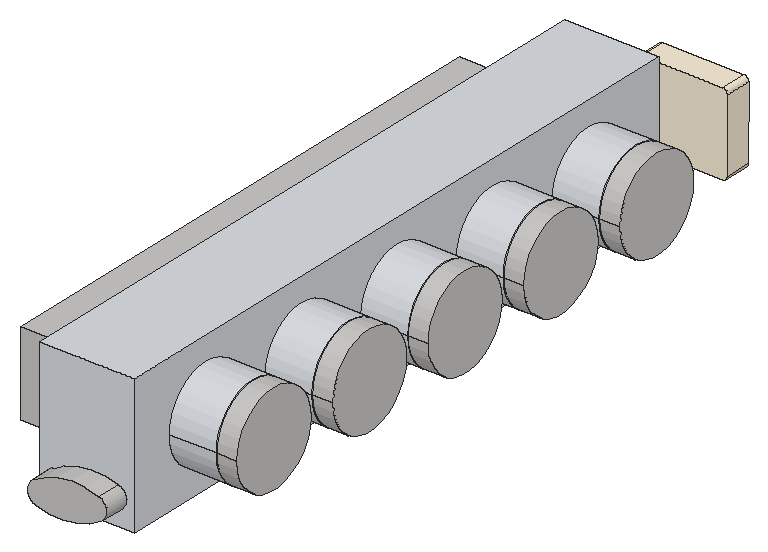
Revit family "HVAC_Ductwork_Airzone_Motorized-Plenum_Daikin_Standard_5-Dampers", category Mechanical Equipment, Revit 2016
Family settings
  Part Type = Normal
  Round Connector Dimension = Use Diameter
  OmniClass Number = 23.75.70.14
  OmniClass Title = Air Ductwork
  Work Plane-Based = No
  Always vertical = Yes
  Cut with Voids When Loaded = No
  Shared = No
  Room Calculation Point = No
Parameters (values of type "DAIST07L5")
  Voltage = 230 V
  URL = "www.airzone.es"
  Type Image Comments = "Image available in product documentation download"  # constant formula
  Revit Model Version = "1.0"  # constant formula
  Revit Model Author URL = "www.a3d.es"
  Revit Model Author = "A3D Consulting"  # constant formula
  Product Documentation Download URL = "http://doc.airzone.es/BIM/Easyzone/Daikin-Airzone_motorized_plenum.zip"
  Product Comments = "Refer to technical documentation for further details"  # constant formula
  Power Factor = 1
  Neck Width = 1195.600 mm
  Neck Length = 95.000 mm
  Neck Height = 181.600 mm
  Material = Metal - AIRZONE - Galvanized Sheet - Semi-polished
  Main Control Board Material = Plastic - AIRZONE - Smooth - Off-white
  Load Classification = Other
  Insulated Body Width = 205.000 mm  # constant formula
  Insulated Body Material = Metal -AIRZONE - Insulating Lining -Aluminum Finish
  Insulated Body Length = 1425.000 mm  # constant formula
  Insulated Body Height = 300.000 mm  # constant formula
  Flow [instance] = Damper 5 Air Flow + Damper 4 Air Flow + Damper 3 Air Flow + Damper 2 Air Flow + Damper 1 Air Flow - Fresh Air Inlet 2 Flow - Fresh Air Inlet 1 Flow  # 1500 m³/h
  Fresh Air Inlet 1 Flow [instance] = 0 m³/h
  Fresh Air Inlet 2 Flow [instance] = 0 m³/h
  Fresh Air Inlet Connection Width = 175.000 mm
  Fresh Air Inlet Connection Height = 75.000 mm
  Model = "DAIST07L5"
  Neck Side Offset = 164.700 mm
  Neck Bottom Offset = 85.200 mm
  Type Image = <None>
  Manufacturer = "AIRZONE"  # constant formula
  Main Control Board Depth = 57.000 mm  # constant formula
  Main Control Board Width = 195.000 mm  # constant formula
  Main Control Board Height = 180.000 mm  # constant formula
  Fixing = ""
  Disclaimer = "All information provided in this model is reviewed before being published. However, Airzone cannot guarantee this model is error-free, therefore users are strongly encouraged to check for technical documentation and updates"  # constant formula
  Description = "Airzone standard motorized plenum with neck that mechanically adapts to the main ducted AC units of Daikin."
  Type Comments = ""
  Dampers Length = 149.000 mm  # constant formula
  Dampers Diameter = 200.000 mm  # constant formula
  Damper 5 Air Flow [instance] = 300 m³/h
  Damper 4 Air Flow [instance] = 300 m³/h
  Damper 1 Air Flow [instance] = 300 m³/h
  Damper 2 Air Flow [instance] = 300 m³/h
  Damper 3 Air Flow [instance] = 300 m³/h
  Fresh Air Inlet Connection Offset Height = 48.305 mm  # constant formula
  Compatible Accesories = ""
  Apparent Load = 57.5 VA
Types (10, lengths in mm): name | Neck Width | Neck Height | Model | Neck Side Offset | Neck Bottom Offset
  DAIST07L5 | 1195.600 | 181.600 | "DAIST07L5" | 164.700 | 85.200
  DAIST07M5 | 795.600 | 181.600 | "DAIST07M5" | 364.700 | 85.200
  DAIST07S5 | 495.600 | 181.600 | "DAIST07S5" | 514.700 | 85.200
  DAIST06M5 | 1064.600 | 196.600 | "DAIST06M5" | 89.700 | 70.200
  DAIST04L5 | 1173.600 | 203.600 | "DAIST04L5" | 125.700 | 54.200
  DAIST04M5 | 773.600 | 203.600 | "DAIST04M5" | 325.700 | 54.200
  DAIST02L5 | 1068.600 | 233.600 | "DAIST02L5" | 178.200 | 33.200
  DAIST01L5 | 1167.600 | 222.600 | "DAIST01L5" | 193.700 | 46.000
  DAIST01M5 | 767.600 | 222.600 | "DAIST01M5" | 393.700 | 46.000
  DAIST01S5 | 467.600 | 222.600 | "DAIST01S5" | 544.700 | 46.000
Reference planes
  plane 1 "Center (Front/Back)": y = 0
  plane 2 "Center (Elevation)": z = 0
  plane 3 "Center (Left/Right)": x = 0
  plane 4 "Neck Back": y = 597.8
  plane 5 "Neck Front": y = -597.8
  plane 6 "Neck Top": z = 90.8
  plane 7 "Neck Bottom": z = -90.8
  plane 8 "Left": x = 95
  plane 9 "Bottom": z = -176
  plane 10 "Top": z = 124
  plane 11 "Front": y = -662.5
  plane 12 "Back": y = 762.5
  plane 13 "Right": x = 300
  plane 14 "Dampers Front": x = 449
  plane 15 "Dampers Center (Elevation)": z = -26
  plane 16 "Damper3": y = 50
  plane 17 "Damper2": y = 310
  plane 18 "Damper1": y = 570
  plane 19 "Middle": y = 50
  plane 20 "FreshAir Center (Elevation)": z = -127.695
  plane 21 "FreshAir1": y = 815
  plane 22 "FreshAir2": y = -715
  plane 23 "Dampers Lining": x = 404
  plane 24 "FreshAir Vertical Axis": x = 195.83
  plane 25 "ConnectionBox Side": x = 254
  plane 26 "Main Control Board Center (Left/Right)": x = 351.5
  plane 27 "Damper4": y = -210
  plane 28 "Damper5": y = -470
Forms (mm)
  Extrusion 1, solid, material "Metal - AIRZONE - Galvanized Sheet - Semi-polished" <- "Material"
    sketch origin (0, 0, 0) x (0, 1, 0) y (0, 0, 1)
      loop
        line (-597.8, 90.8) -> (-597.8, -90.8) -> (597.8, -90.8) -> (597.8, 90.8) -> (-597.8, 90.8)
    from 0 to 95
  Extrusion 2, solid, material "Metal -AIRZONE - Insulating Lining -Aluminum Finish" <- "Insulated Body Material"
    sketch origin (95, 0, 0) x (0, 1, 0) y (0, 0, 1)
      loop
        line (-662.5, 124) -> (-662.5, -176) -> (762.5, -176) -> (762.5, 124) -> (-662.5, 124)
    from 0 to 205
  Extrusion 3, solid, material "Metal - AIRZONE - Galvanized Sheet - Semi-polished" <- "Material"
    sketch origin (300, 0, 0) x (0, 1, 0) y (0, 0, 1)
      loop
        circle (50, -26) r 100
    from 104 to 149
  Extrusion 4, solid, material "Metal - AIRZONE - Galvanized Sheet - Semi-polished" <- "Material"
    sketch origin (300, 0, 0) x (0, 1, 0) y (0, 0, 1)
      loop
        circle (310, -26) r 100
    from 104 to 149
  Extrusion 5, solid, material "Metal - AIRZONE - Galvanized Sheet - Semi-polished" <- "Material"
    sketch origin (300, 0, 0) x (0, 1, 0) y (0, 0, 1)
      loop
        circle (570, -26) r 100
    from 104 to 149
  Extrusion 6, solid, material "Metal - AIRZONE - Galvanized Sheet - Semi-polished" <- "Material"
    sketch origin (0, -662.5, 0) x (0, 0, 1) y (1, 0, 0)
      loop
        arc (-95.141, 265.204) -> (-116.608, 282.105) -> (-141.312, 270.434) r 25.96
        arc (-141.312, 270.434) -> (-167.302, 200.598) -> (-159.849, 126.456) r 164.67
        arc (-159.849, 126.456) -> (-138.665, 109.589) -> (-113.994, 120.751) r 25.96
        arc (-113.994, 120.751) -> (-87.725, 190.78) -> (-95.141, 265.204) r 164.67
    from 0 to -52.5
  Extrusion 7, solid, material "Metal - AIRZONE - Galvanized Sheet - Semi-polished" <- "Material"
    sketch origin (0, 762.5, 0) x (0, 0, 1) y (1, 0, 0)
      loop
        arc (-95.141, 265.204) -> (-116.325, 282.071) -> (-140.996, 270.909) r 25.96
        arc (-140.996, 270.909) -> (-167.179, 201.53) -> (-160.267, 127.699) r 164.67
        arc (-160.267, 127.699) -> (-139.032, 109.637) -> (-113.678, 121.226) r 25.96
        arc (-113.678, 121.226) -> (-87.688, 191.062) -> (-95.141, 265.204) r 164.67
    from 0 to 52.5
  Extrusion 8, solid, material "Metal -AIRZONE - Insulating Lining -Aluminum Finish" <- "Insulated Body Material"
    sketch origin (300, 0, 0) x (0, 1, 0) y (0, 0, 1)
      loop
        circle (570, -26) r 100
    from 0 to 104
  Extrusion 9, solid, material "Metal -AIRZONE - Insulating Lining -Aluminum Finish" <- "Insulated Body Material"
    sketch origin (300, -260, 0) x (0, 1, 0) y (0, 0, 1)
      loop
        circle (570, -26) r 100
    from 0 to 104
  Extrusion 10, solid, material "Metal -AIRZONE - Insulating Lining -Aluminum Finish" <- "Insulated Body Material"
    sketch origin (300, -520, 0) x (0, 1, 0) y (0, 0, 1)
      loop
        circle (570, -26) r 100
    from 0 to 104
  Extrusion 11, solid, material "Metal - AIRZONE - Galvanized Sheet - Semi-polished" <- "Material"
    sketch origin (300, -190, 0) x (0, 1, 0) y (0, 0, 1)
      loop
        circle (-20, -26) r 100
    from 104 to 149
  Extrusion 12, solid, material "Metal -AIRZONE - Insulating Lining -Aluminum Finish" <- "Insulated Body Material"
    sketch origin (300, -710, 0) x (0, 1, 0) y (0, 0, 1)
      loop
        circle (500, -26) r 100
    from 0 to 104
  Extrusion 13, solid, material "Metal -AIRZONE - Insulating Lining -Aluminum Finish" <- "Insulated Body Material"
    sketch origin (300, -970, 0) x (0, 1, 0) y (0, 0, 1)
      loop
        circle (500, -26) r 100
    from 0 to 104
  Extrusion 14, solid, material "Metal - AIRZONE - Galvanized Sheet - Semi-polished" <- "Material"
    sketch origin (300, -450, 0) x (0, 1, 0) y (0, 0, 1)
      loop
        circle (-20, -26) r 100
    from 104 to 149
Lines and regions (mm)
  Masking region 1
    outline origin (0, 0, 0) x (1, 0, 0) y (0, 1, 0)
      loop
        line (95, 762.5) -> (95, -662.5) -> (300, -662.5) -> (300, 762.5) -> (95, 762.5)
  Masking region 2, detail levels medium+fine
    outline origin (0, 0, 0) x (1, 0, 0) y (0, 1, 0)
      loop
        line (0, 597.8) -> (0, -597.8) -> (95, -597.8) -> (95, 597.8) -> (0, 597.8)
  Masking region 3, detail levels medium+fine
    outline origin (0, 0, 0) x (1, 0, 0) y (0, 1, 0)
      loop
        line (300, 150) -> (300, -50) -> (449, -50) -> (449, 150) -> (300, 150)
  Masking region 4, detail levels medium+fine
    outline origin (0, 260, 0) x (1, 0, 0) y (0, 1, 0)
      loop
        line (300, 150) -> (300, -50) -> (449, -50) -> (449, 150) -> (300, 150)
  Masking region 5, detail levels medium+fine
    outline origin (0, 520, 0) x (1, 0, 0) y (0, 1, 0)
      loop
        line (300, 150) -> (300, -50) -> (449, -50) -> (449, 150) -> (300, 150)
  Masking region 6, detail levels medium+fine
    outline origin (0, 0, -127.695) x (1, 0, 0) y (0, 1, 0)
      loop
        line (108.33, 815) -> (108.33, 762.5) -> (283.33, 762.5) -> (283.33, 815) -> (108.33, 815)
  Masking region 7, detail levels medium+fine
    outline origin (0, 0, -127.695) x (1, 0, 0) y (0, 1, 0)
      loop
        line (108.33, -662.5) -> (108.33, -715) -> (283.33, -715) -> (283.33, -662.5) -> (108.33, -662.5)
  Masking region 8, detail levels medium+fine
    outline origin (0, 0, 124) x (0, -1, 0) y (1, 0, 0)
      loop
        line (-819.5, 254) -> (-762.5, 254) -> (-762.5, 449) -> (-819.5, 449) -> (-819.5, 254)
  Masking region 9, detail levels medium+fine
    outline origin (0, -190, 0) x (1, 0, 0) y (0, 1, 0)
      loop
        line (300, 80) -> (300, -120) -> (449, -120) -> (449, 80) -> (300, 80)
  Masking region 10, detail levels medium+fine
    outline origin (0, -450, 0) x (1, 0, 0) y (0, 1, 0)
      loop
        line (300, 80) -> (300, -120) -> (449, -120) -> (449, 80) -> (300, 80)
  symbolic lines, detail levels coarse
    curve 1: line (95, -662.5, 0) -> (300, 50, 0)
    curve 2: line (300, 50, 0) -> (95, 762.5, 0)
Dimensions and locks
  equal spacing: plane 4 "Neck Back", plane 1 "Center (Front/Back)", plane 5 "Neck Front"
  "Neck Width": plane 4 "Neck Back" to plane 5 "Neck Front"
  equal spacing: plane 6 "Neck Top", level, plane 7 "Neck Bottom"
  "Neck Height": plane 6 "Neck Top" to plane 7 "Neck Bottom"
  "Neck Length": plane 3 "Center (Left/Right)" to plane 8 "Left"
  "Neck Bottom Offset": plane 7 "Neck Bottom" to plane 9 "Bottom"
  "Insulated Body Height": plane 10 "Top" to plane 9 "Bottom"
  "Insulated Body Length": plane 12 "Back" to plane 11 "Front"
  "Insulated Body Width": plane 8 "Left" to plane 13 "Right"
  "Dampers Length": plane 13 "Right" to plane 14 "Dampers Front"
  equal spacing: plane 10 "Top", plane 15 "Dampers Center (Elevation)", plane 9 "Bottom"
  equal spacing: plane 12 "Back", plane 19 "Middle", plane 11 "Front"
  plane 8 "Left" to plane 13 "Right" = 205.000 mm
  "Fresh Air Inlet Connection Offset Height": plane 20 "FreshAir Center (Elevation)" to plane 9 "Bottom"
  locked: Extrusion 6 sketch curve to plane 9 "Bottom" at 56.47
  locked: plane 13 "Right" to Extrusion 6 sketch curve at 43.69
  locked: plane 13 "Right" to Extrusion 6 sketch curve at 164.65
  locked: Extrusion 6 sketch curve to plane 9 "Bottom" at 40.54
  locked: plane 13 "Right" to Extrusion 6 sketch curve at 87.91
  locked: plane 9 "Bottom" to Extrusion 6 sketch curve at 75.01
  locked: plane 13 "Right" to Extrusion 6 sketch curve at 120.43
  locked: Extrusion 6 sketch curve to plane 9 "Bottom" at 172.02
  locked: plane 13 "Right" to Extrusion 7 sketch curve at 43.69
  locked: Extrusion 7 sketch curve to plane 9 "Bottom" at 56.47
  locked: Extrusion 7 sketch curve to plane 9 "Bottom" at 40.54
  locked: plane 13 "Right" to Extrusion 7 sketch curve at 164.65
  locked: plane 13 "Right" to Extrusion 7 sketch curve at 120.43
  locked: Extrusion 7 sketch curve to plane 9 "Bottom" at 172.02
  locked: plane 9 "Bottom" to Extrusion 7 sketch curve at 75.01
  locked: plane 13 "Right" to Extrusion 7 sketch curve at 87.91
  "Neck Side Offset": plane 12 "Back" to plane 4 "Neck Back"
  locked: plane 21 "FreshAir1" to plane 12 "Back" at 52.5
  plane 11 "Front" to plane 22 "FreshAir2" = 52.500 mm
  locked: connector elem to plane 13 "Right" at 104.17
  locked: plane 20 "FreshAir Center (Elevation)" to connector elem
  locked: plane 13 "Right" to connector elem at 104.17
  locked: connector elem to plane 20 "FreshAir Center (Elevation)"
  locked: plane 23 "Dampers Lining" to plane 14 "Dampers Front" at 45
  locked: plane 24 "FreshAir Vertical Axis" to plane 13 "Right" at 104.17
  equal spacing: Masking region 3 sketch curve, plane 16 "Damper3", Masking region 3 sketch curve
  "Dampers Diameter": Masking region 3 sketch curve to Masking region 3 sketch curve
  "Dampers Diameter": Masking region 4 sketch curve to Masking region 4 sketch curve
  equal spacing: Masking region 5 sketch curve, plane 18 "Damper1", Masking region 5 sketch curve
  "Dampers Diameter": Masking region 5 sketch curve to Masking region 5 sketch curve
  equal spacing: Masking region 6 sketch curve, plane 24 "FreshAir Vertical Axis", Masking region 6 sketch curve
  "Fresh Air Inlet Connection Width": Masking region 6 sketch curve to Masking region 6 sketch curve
  equal spacing: Masking region 7 sketch curve, plane 24 "FreshAir Vertical Axis", Masking region 7 sketch curve
  "Fresh Air Inlet Connection Width": Masking region 7 sketch curve to Masking region 7 sketch curve
  "Main Control Board Depth": Masking region 8 sketch curve to plane 12 "Back"
  "Main Control Board Width": plane 25 "ConnectionBox Side" to plane 14 "Dampers Front"
  equal spacing: plane 25 "ConnectionBox Side", plane 26 "Main Control Board Center (Left/Right)", plane 14 "Dampers Front"
  locked: nested 1 to plane 10 "Top" at 10
  equal spacing: Masking region 4 sketch curve, plane 17 "Damper2", Masking region 4 sketch curve
  equal spacing: Masking region 9 sketch curve, plane 27 "Damper4", Masking region 9 sketch curve
  "Dampers Diameter": Masking region 9 sketch curve to Masking region 9 sketch curve
  plane 18 "Damper1" to plane 17 "Damper2" to plane 16 "Damper3" to plane 27 "Damper4" to plane 28 "Damper5" = 260.000 mm locked, 260.000 mm locked, 260.000 mm locked, 260.000 mm locked
  locked: plane 19 "Middle" to plane 16 "Damper3"
  equal spacing: Masking region 10 sketch curve, plane 28 "Damper5", Masking region 10 sketch curve
  "Dampers Diameter": Masking region 10 sketch curve to Masking region 10 sketch curve
  "Dampers Diameter": diameter of Extrusion 3 sketch curve
  "Dampers Diameter": diameter of Extrusion 4 sketch curve
  "Dampers Diameter": diameter of Extrusion 5 sketch curve
  radius of Extrusion 7 sketch curve = 164.670 mm  (x2)
  radius of Extrusion 7 sketch curve = 25.960 mm  (x2)
  radius of Extrusion 6 sketch curve = 164.670 mm  (x2)
  radius of Extrusion 6 sketch curve = 25.960 mm  (x2)
  "Dampers Diameter": diameter of Extrusion 8 sketch curve
  "Dampers Diameter": diameter of Extrusion 9 sketch curve
  "Dampers Diameter": diameter of Extrusion 10 sketch curve
  "Dampers Diameter": diameter of Extrusion 11 sketch curve
  "Dampers Diameter": diameter of Extrusion 12 sketch curve
  "Dampers Diameter": diameter of Extrusion 13 sketch curve
  "Dampers Diameter": diameter of Extrusion 14 sketch curve
  aligned and locked: level to plane 2 "Center (Elevation)"
  aligned and locked: plane 5 "Neck Front" to Extrusion 1 sketch curve
  aligned and locked: Extrusion 1 sketch curve to plane 6 "Neck Top"
  aligned and locked: Extrusion 1 sketch curve to plane 4 "Neck Back"
  aligned and locked: plane 7 "Neck Bottom" to Extrusion 1 sketch curve
  aligned and locked: Extrusion 1 to plane 3 "Center (Left/Right)"
  aligned and locked: Extrusion 2 sketch curve to plane 10 "Top"
  aligned and locked: Extrusion 2 sketch curve to plane 12 "Back"
  aligned and locked: plane 9 "Bottom" to Extrusion 2 sketch curve
  aligned and locked: plane 11 "Front" to Extrusion 2 sketch curve
  aligned and locked: plane 13 "Right" to Extrusion 2
  aligned and locked: Extrusion 2 to plane 8 "Left"
  aligned and locked: plane 16 "Damper3" to Extrusion 3 sketch curve
  aligned and locked: plane 15 "Dampers Center (Elevation)" to Extrusion 3 sketch curve
  aligned and locked: plane 15 "Dampers Center (Elevation)" to Extrusion 4 sketch curve
  aligned and locked: plane 18 "Damper1" to Extrusion 5 sketch curve
  aligned and locked: plane 15 "Dampers Center (Elevation)" to Extrusion 5 sketch curve
  aligned and locked: plane 14 "Dampers Front" to Extrusion 5
  aligned and locked: plane 14 "Dampers Front" to Extrusion 4
  aligned and locked: plane 14 "Dampers Front" to Extrusion 3
  aligned and locked: plane 8 "Left" to Extrusion 1
  aligned and locked: plane 22 "FreshAir2" to Extrusion 6
  aligned and locked: plane 21 "FreshAir1" to Extrusion 7
  aligned and locked: Extrusion 7 to plane 12 "Back"
  aligned and locked: plane 11 "Front" to Extrusion 6
  aligned and locked: Extrusion 5 to plane 23 "Dampers Lining"
  aligned and locked: Extrusion 5 to Extrusion 4
  aligned and locked: Extrusion 4 to Extrusion 3
  aligned and locked: plane 23 "Dampers Lining" to Extrusion 8
  aligned and locked: Extrusion 10 to plane 13 "Right"
  aligned and locked: plane 23 "Dampers Lining" to Extrusion 10
  aligned and locked: Extrusion 9 to plane 13 "Right"
  aligned and locked: plane 23 "Dampers Lining" to Extrusion 9
  aligned and locked: Extrusion 8 to plane 13 "Right"
  aligned and locked: Extrusion 9 to Extrusion 8
  aligned and locked: plane 18 "Damper1" to Extrusion 8 sketch curve
  aligned and locked: plane 15 "Dampers Center (Elevation)" to Extrusion 8 sketch curve
  aligned and locked: plane 15 "Dampers Center (Elevation)" to Extrusion 9 sketch curve
  aligned and locked: plane 16 "Damper3" to Extrusion 10 sketch curve
  aligned and locked: plane 15 "Dampers Center (Elevation)" to Extrusion 10 sketch curve
  aligned and locked: Masking region 1 sketch curve to plane 12 "Back"
  aligned and locked: plane 8 "Left" to Masking region 1 sketch curve
  aligned and locked: Masking region 1 sketch curve to plane 13 "Right"
  aligned and locked: plane 11 "Front" to Masking region 1 sketch curve
  aligned and locked: plane 5 "Neck Front" to Masking region 2 sketch curve
  aligned and locked: plane 3 "Center (Left/Right)" to Masking region 2 sketch curve
  aligned and locked: Masking region 2 sketch curve to plane 4 "Neck Back"
  aligned and locked: Masking region 2 sketch curve to plane 8 "Left"
  aligned and locked: plane 13 "Right" to Masking region 3 sketch curve
  aligned and locked: Masking region 3 sketch curve to plane 14 "Dampers Front"
  aligned and locked: plane 13 "Right" to Masking region 4 sketch curve
  aligned and locked: Masking region 4 sketch curve to plane 14 "Dampers Front"
  aligned and locked: plane 13 "Right" to Masking region 5 sketch curve
  aligned and locked: Masking region 5 sketch curve to plane 14 "Dampers Front"
  aligned and locked: plane 12 "Back" to Masking region 6 sketch curve
  aligned and locked: Masking region 6 sketch curve to plane 21 "FreshAir1"
  aligned and locked: Masking region 7 sketch curve to plane 11 "Front"
  aligned and locked: Masking region 7 sketch curve to plane 22 "FreshAir2"
  aligned and locked: plane 12 "Back" to Masking region 8 sketch curve
  aligned and locked: Masking region 8 sketch curve to plane 14 "Dampers Front"
  aligned and locked: plane 25 "ConnectionBox Side" to Masking region 8 sketch curve
  aligned and locked: plane 17 "Damper2" to Extrusion 9 sketch curve
  aligned and locked: plane 17 "Damper2" to Extrusion 4 sketch curve
  aligned and locked: Masking region 9 sketch curve to plane 14 "Dampers Front"
  aligned and locked: plane 13 "Right" to Masking region 9 sketch curve
  aligned and locked: Extrusion 12 to plane 13 "Right"
  aligned and locked: plane 23 "Dampers Lining" to Extrusion 12
  aligned and locked: Extrusion 11 to plane 23 "Dampers Lining"
  aligned and locked: plane 14 "Dampers Front" to Extrusion 11
  aligned and locked: plane 15 "Dampers Center (Elevation)" to Extrusion 12 sketch curve
  aligned and locked: plane 27 "Damper4" to Extrusion 12 sketch curve
  aligned and locked: plane 15 "Dampers Center (Elevation)" to Extrusion 11 sketch curve
  aligned and locked: plane 27 "Damper4" to Extrusion 11 sketch curve
  aligned and locked: Masking region 10 sketch curve to plane 14 "Dampers Front"
  aligned and locked: plane 13 "Right" to Masking region 10 sketch curve
  aligned and locked: plane 28 "Damper5" to Extrusion 13 sketch curve
  aligned and locked: plane 15 "Dampers Center (Elevation)" to Extrusion 13 sketch curve
  aligned and locked: Extrusion 14 to plane 23 "Dampers Lining"
  aligned and locked: plane 14 "Dampers Front" to Extrusion 14
  aligned and locked: plane 15 "Dampers Center (Elevation)" to Extrusion 14 sketch curve
  aligned and locked: plane 28 "Damper5" to Extrusion 14 sketch curve
  aligned and locked: nested 1 to plane 26 "Main Control Board Center (Left/Right)"
Automatic sketch dimensions
  curve 2 to plane 8 "Left" = 0.000 mm
  curve 1 to plane 8 "Left" = 0.000 mm
  curve 2 to plane 13 "Right" = 0.000 mm
  curve 1 to plane 11 "Front" = 0.000 mm
  curve 2 to plane 16 "Damper3" = 0.000 mm
  curve 2 to plane 12 "Back" = 0.000 mm
Nested families
  nested 1: "Airzone_Main-Control-Board" at (351.5, 762.5, 24) x (-1, 0, 0) z (0, 1, 0), Extrusion <- "Main Control Board Depth", Height <- "Main Control Board Height", Width <- "Main Control Board Width", Material <- "Main Control Board Material", type "Standard"
    with Width 195.000 mm, Material Plastic - AIRZONE - Smooth - Off-white, Height 180.000 mm, Extrusion 57.000 mm
Connectors
  hvac at (449, 50, -26), driven by "Damper 3 Air Flow", driven by "Dampers Diameter"
    settings: on Extrusion 3, index 1, duct flow 300 m³/h, flow factor 0, pres drop 0.0 Pa, loss coef 0, conn angle 0.00°, conn width 304.8 mm, conn height 304.8 mm, conn diameter 200 mm, duct sys type 1, conn prof type 0, flow config 0, flow direction 2, loss method 0, conn ref index -1, conn util no, is conn primary no, conn desc "Supply Air Out 3"
  hvac at (449, 310, -26), driven by "Damper 2 Air Flow", driven by "Dampers Diameter"
    settings: on Extrusion 4, index 2, duct flow 300 m³/h, flow factor 0, pres drop 0.0 Pa, loss coef 0, conn angle 0.00°, conn width 304.8 mm, conn height 304.8 mm, conn diameter 200 mm, duct sys type 1, conn prof type 0, flow config 0, flow direction 2, loss method 0, conn ref index -1, conn util no, is conn primary no, conn desc "Supply Air Out 2"
  hvac at (449, 570, -26), driven by "Damper 1 Air Flow", driven by "Dampers Diameter"
    settings: on Extrusion 5, index 3, duct flow 300 m³/h, flow factor 0, pres drop 0.0 Pa, loss coef 0, conn angle 0.00°, conn width 304.8 mm, conn height 304.8 mm, conn diameter 200 mm, duct sys type 1, conn prof type 0, flow config 0, flow direction 2, loss method 0, conn ref index -1, conn util no, is conn primary no, conn desc "Supply Air Out 1"
  hvac at (0, 0, 0), driven by "Flow", driven by "Neck Height", driven by "Neck Width"
    settings: on Extrusion 1, index 6, duct flow 1500 m³/h, flow factor 0, pres drop 0.0 Pa, loss coef 0, conn angle 0.00°, conn width 1195.6 mm, conn height 181.6 mm, conn diameter 609.6 mm, duct sys type 1, conn prof type 1, flow config 1, flow direction 1, loss method 0, conn ref index -1, conn util no, is conn primary yes, conn desc "Supply Air In"
  hvac at (195.83, -715, -127.695), driven by "Fresh Air Inlet 2 Flow", driven by "Fresh Air Inlet Connection Width", driven by "Fresh Air Inlet Connection Height"
    settings: index 7, duct flow 0 m³/h, flow factor 0, pres drop 0.0 Pa, loss coef 0, conn angle 0.00°, conn width 175 mm, conn height 75 mm, conn diameter 609.6 mm, duct sys type 1, conn prof type 2, flow config 1, flow direction 1, loss method 0, conn ref index -1, conn util no, is conn primary no, conn desc "Fresh Air In 2"
  hvac at (195.83, 815, -127.695), driven by "Fresh Air Inlet 1 Flow", driven by "Fresh Air Inlet Connection Height", driven by "Fresh Air Inlet Connection Width"
    settings: index 8, duct flow 0 m³/h, flow factor 0, pres drop 0.0 Pa, loss coef 0, conn angle 0.00°, conn width 175 mm, conn height 75 mm, conn diameter 609.6 mm, duct sys type 1, conn prof type 2, flow config 1, flow direction 1, loss method 0, conn ref index -1, conn util no, is conn primary no, conn desc "Fresh Air In 1"
  hvac at (449, -210, -26), driven by "Damper 4 Air Flow", driven by "Dampers Diameter"
    settings: on Extrusion 11, index 9, duct flow 300 m³/h, flow factor 0, pres drop 0.0 Pa, loss coef 0, conn angle 0.00°, conn width 304.8 mm, conn height 304.8 mm, conn diameter 200 mm, duct sys type 1, conn prof type 0, flow config 0, flow direction 2, loss method 0, conn ref index -1, conn util no, is conn primary no, conn desc "Supply Air Out 4"
  hvac at (449, -470, -26), driven by "Damper 5 Air Flow", driven by "Dampers Diameter"
    settings: on Extrusion 14, index 10, duct flow 300 m³/h, flow factor 0, pres drop 0.0 Pa, loss coef 0, conn angle 0.00°, conn width 304.8 mm, conn height 304.8 mm, conn diameter 200 mm, duct sys type 1, conn prof type 0, flow config 0, flow direction 2, loss method 0, conn ref index -1, conn util no, is conn primary no, conn desc "Supply Air Out 5"
  electrical at (351.5, 819.5, 24), driven by "Load Classification", driven by "Voltage", driven by "Apparent Load", driven by "Power Factor"
    settings: on nested 1, index 11, voltage 230 V, apparent load 57.5 VA, apparent load phase1 0 VA, apparent load phase2 0 VA, apparent load phase3 0 VA, power factor 1, load classification "Other", number of poles 1, system type 30, power factor state 1, is connector primary yes, connector utility no, sub classification motor no, connector description "Power Supply"
Definition of nested family "Airzone_Main-Control-Board"
  Parameters (values of type "Standard")
    Width [instance] = 195.000 mm
    URL = "www.airzone.es"
    Revit Model Version = "1.0"  # constant formula
    Revit Model Author URL = "www.a3d.es"
    Revit Model Author = "A3D Consulting"  # constant formula
    Material [instance] = none
    Manufacturer = "AIRZONE"  # constant formula
    Height [instance] = 180.000 mm
    Extrusion [instance] = 57.000 mm
    Default Elevation = 0.000 mm
  Reference planes
    plane 1 "Center (Front/Back)": y = 0
    plane 2: z = 0
    plane 3 "Center (Left/Right)": x = 0
    plane 4: y = 90
    plane 5: y = -90
    plane 6: x = 97.5
    plane 7: x = -97.5
  Forms (mm)
    Extrusion 1, solid, material <- "Material"
      sketch origin (0, 0, 0) x (1, 0, 0) y (0, 1, 0)
        loop
          arc (-87.5, 90) -> (-94.571, 87.071) -> (-97.5, 80) r 10
          line (-97.5, 80) -> (-97.5, -80)
          arc (-97.5, -80) -> (-94.571, -87.071) -> (-87.5, -90) r 10
          line (-87.5, -90) -> (87.5, -90)
          arc (87.5, -90) -> (94.571, -87.071) -> (97.5, -80) r 10
          line (97.5, -80) -> (97.5, 80)
          arc (97.5, 80) -> (94.571, 87.071) -> (87.5, 90) r 10
          line (87.5, 90) -> (-87.5, 90)
      from 0 to 57 <- "Extrusion"
  Dimensions and locks
    equal spacing: plane 7, plane 3 "Center (Left/Right)", plane 6
    equal spacing: plane 4, plane 1 "Center (Front/Back)", plane 5
    "Width": plane 7 to plane 6
    "Height": plane 4 to plane 5
    radius of Extrusion 1 sketch curve = 10.000 mm  (x4)
    aligned and locked: level to plane 2
    aligned and locked: plane 5 to Extrusion 1 sketch curve
    aligned and locked: Extrusion 1 sketch curve to plane 6
    aligned and locked: Extrusion 1 sketch curve to plane 4
    aligned and locked: plane 7 to Extrusion 1 sketch curve
